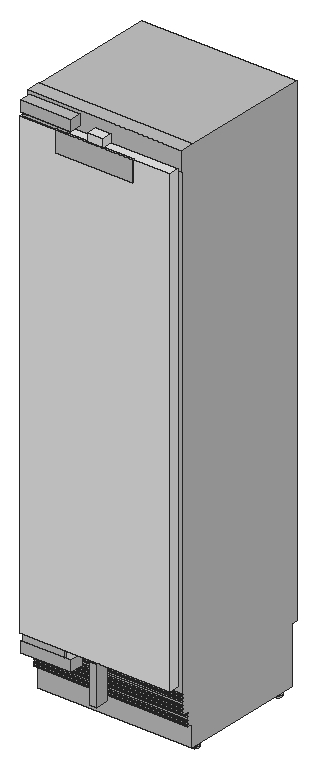
Revit family "FP_Revit_18_RS6121SLK1_Fridge_90001102A", category Specialty Equipment, Revit 2018
Family settings
  Round Connector Dimension = Use Diameter
  Part Type = Normal
  OmniClass Number = 23.40.40.11.11
  OmniClass Title = Refrigerators and Freezers
  Work Plane-Based = No
  Always vertical = Yes
  Cut with Voids When Loaded = Yes
  Shared = No
  Room Calculation Point = No
Parameters (values of type "RS6121SLHK1")
  Visibility - Water Connection = yes
  Visibility - Visibility Control Note = yes
  Visibility - Clearance Required = yes
  URL = "www.fisherpaykel.com"
  Stainless Steel Door Panels (RD6121L10D) = no
  Product - Width = 603 mm  # constant formula
  Product - Height = 2134 mm  # constant formula
  Product - Depth (exl front panel) = 610 mm  # constant formula
  Model = "RS6121SLHK1"
  Material - Handle = Fisher & Paykel - Aluminium
  Material - Door Structure = Fisher & Paykel - White
  Material - Door Front = Fisher & Paykel - Stainless Steel
  Material - Body = Fisher & Paykel - Grey
  Manufacturer = "Fisher & Paykel Appliances"
  Handle Style - Contemporary Square (AHD3-RD21) = no
  Handle Style - Contemporary Round (AHS-RD21) = no
  Description = "61cm Integrated Column Refrigerator with internal water, stainless steel interior"
  Connector Description - Water = "1/2 BSP Stainless steel braided hose"
  Connector Description - Electrical = "230 V, 10 amp fused electrical supply"
  Cavity - Width = 610 mm  # constant formula
  Cavity - Height = 2134 mm  # constant formula
  Cavity - Depth = 650 mm  # constant formula
Types (3, lengths in mm): name | Visibility - Water Connection | Model | Description | Connector Description - Water
  (no name) | yes | "RS6121SLHK1" | "61cm Integrated Column Refrigerator with internal water, stainless steel interior" | "1/2 BSP Stainless steel braided hose"
  RS6121SLK1 | no | "RS6121SLK1" | "61cm Integrated Column Refrigerator, stainless steel interior" | "Water Supply not required"
  RS6121SLHK1 | yes | "RS6121SLHK1" | "61cm Integrated Column Refrigerator with internal water, stainless steel interior" | "1/2 BSP Stainless steel braided hose"
Reference planes
  plane 1 "Datum": y = 0
  plane 2: z = 0
  plane 3 "Center (Left/Right)": x = 0
  plane 4 "Product LHS": x = -301.5
  plane 5 "Product RHS": x = 301.5
  plane 6 "Product - Depth": y = 610
  plane 7 "Cavity LHS": x = -305
  plane 8 "Cavity RHS": x = 305
  plane 9 "Cavity - Depth": y = 628
  plane 10 "Handle Offset": x = 238.5
  plane 11 "Product Height": z = 2134
  plane 12 "Cavity Height": z = 2134
  plane 13 "Door Panel Datum": y = -4.1
Forms (mm)
  Extrusion 1, solid, material "Fisher & Paykel - Grey" <- "Material - Body", detail levels fine
    sketch origin (0, 0, 0) x (0, 1, 0) y (0, 0, 1)
      loop
        line (100.1, 19.1) -> (587.9, 19.1) -> (587.9, 239.7) -> (610, 239.7) -> (610, 2131.9) -> (105.1, 2131.9) -> (105.1, 2134) -> (49.9, 2134) -> (49.9, 2059) -> (56, 2059) -> (56, 228.6) -> (59.5, 228.6) -> (59.5, 219.7) -> (56.5, 219.7) -> (56.5, 215.9) -> (59.5, 215.9) -> (59.5, 207) -> (56.5, 207) -> (56.5, 203.2) -> (59.5, 203.2) -> (59.5, 194.3) -> (56.5, 194.3) -> (56.5, 190.5) -> (59.5, 190.5) -> (59.5, 181.6) -> (56.5, 181.6) -> (56.5, 177.8) -> (59.5, 177.8) -> (59.5, 168.9) -> (56.5, 168.9) -> (56.5, 165.1) -> (59.5, 165.1) -> (59.5, 156.2) -> (56.5, 156.2) -> (56.5, 152.4) -> (84.1, 152.4) -> (84.1, 143.5) -> (81.1, 143.5) -> (81.1, 139.7) -> (84.1, 139.7) -> (84.1, 130.8) -> (81.1, 130.8) -> (81.1, 127) -> (84.1, 127) -> (84.1, 118.1) -> (81.1, 118.1) -> (81.1, 114.3) -> (84.1, 114.3) -> (84.1, 105.4) -> (81.1, 105.4) -> (81.1, 101.6) -> (100.1, 101.6) -> (100.1, 19.1)
    from -301.5 to 301.5
  Extrusion 2, solid, material "Fisher & Paykel - Grey" <- "Material - Body"
    sketch origin (0, 0, 0) x (1, 0, 0) y (0, 1, 0)
      loop
        circle (-281, 547.8) r 4.1
      loop
        circle (-281, 141.8) r 4.1
      loop
        circle (281, 547.8) r 4.1
      loop
        circle (281, 141.8) r 4.1
    from 3 to 19.1
  Extrusion 3, solid, material "Fisher & Paykel - Grey" <- "Material - Body"
    sketch origin (0, 0, 0) x (1, 0, 0) y (0, 1, 0)
      loop
        circle (-281, 547.8) r 14.5
      loop
        circle (-281, 141.8) r 14.555
      loop
        circle (281, 547.8) r 14.5
      loop
        circle (281, 141.8) r 14.555
    from 0 to 3
  Extrusion 4, solid, material "Fisher & Paykel - Grey" <- "Material - Body", detail levels fine
    sketch origin (0, 0, 0) x (1, 0, 0) y (0, 1, 0)
      loop
        line (-7.5, 49) -> (-13.797, -4.1) -> (13.797, -4.1) -> (7.5, 49) -> (-7.5, 49)
    from 104.2 to 254.2
  Extrusion 5, solid, material "Fisher & Paykel - Grey" <- "Material - Body", detail levels fine
    sketch origin (0, 0, 0) x (0, 1, 0) y (0, 0, 1)
      loop
        line (0, 2070.6) -> (0, 1988.6) -> (2, 1988.6) -> (2, 2068.6) -> (4, 2068.6) -> (4, 2070.6) -> (0, 2070.6)
    from -150 to 150
  Extrusion 6, solid, material "Fisher & Paykel - Grey" <- "Material - Body"
    sketch origin (0, 0, 0) x (1, 0, 0) y (0, 0, 1)
      loop
        circle (226.5, 119.813) r 5
      loop
        circle (-226.5, 119.813) r 5
    from -590 to -587.9
  Extrusion 7, solid, material "Fisher & Paykel - White" <- "Material - Door Structure"
    sketch origin (0, 0, 0) x (1, 0, 0) y (0, 1, 0)
      loop
        line (-276.5, 56) -> (-276.5, 42) -> (276.5, 42) -> (276.5, 56) -> (-276.5, 56)
    from 269.6 to 2030.7
  Extrusion 8, solid, material "Fisher & Paykel - White" <- "Material - Door Structure"
    sketch origin (0, 0, 0) x (1, 0, 0) y (0, 1, 0)
      loop
        line (-292.9, 42) -> (-292.9, 3) -> (292.9, 3) -> (292.9, 42) -> (-292.9, 42)
    from 254.2 to 2068.6
  Extrusion 9, solid, material "Fisher & Paykel - White" <- "Material - Door Structure", detail levels fine
    sketch origin (0, 0, 0) x (1, 0, 0) y (0, 0, 1)
      loop
        line (-29.5, 2100.1) -> (-29.5, 2068.6) -> (29.5, 2068.6) -> (29.5, 2100.1) -> (-29.5, 2100.1)
    from -42 to -3
  Extrusion 10, solid, material "Fisher & Paykel - Stainless Steel" <- "Material - Door Front", visible <- "Stainless Steel Door Panels (RD6121L10D)"
    sketch origin (0, 0, 0) x (0, 1, 0) y (0, 0, 1)
      loop
        line (-22.1, 2130.8) -> (-22.1, 102) -> (-4.1, 102) -> (-4.1, 2130.8) -> (-22.1, 2130.8)
    from -301.5 to 301.5
  Extrusion 11, solid, material "Fisher & Paykel - Grey" <- "Material - Body", detail levels coarse+medium
    sketch origin (0, 0, 0) x (0, 1, 0) y (0, 0, 1)
      loop
        line (49.9, 2134) -> (49.9, 2059) -> (56, 2059) -> (56, 152.4) -> (81.1, 152.4) -> (81.1, 101.6) -> (100.1, 101.6) -> (100.1, 19.1) -> (587.9, 19.1) -> (587.9, 239.7) -> (610, 239.7) -> (610, 2134) -> (49.9, 2134)
    from -301.5 to 301.5
  Extrusion 12, solid, material "Fisher & Paykel - Grey" <- "Material - Body", detail levels fine
    sketch origin (0, 0, 0) x (-1, 0, 0) y (0, 0, -1)
      loop
        line (289.9, -187.65) -> (95.42, -187.65) -> (95.42, -229.75) -> (289.9, -229.75) -> (289.9, -187.65)
    from -56 to -2.5
  Extrusion 13, solid, material "Fisher & Paykel - Grey" <- "Material - Body", detail levels fine
    sketch origin (0, 0, 0) x (-1, 0, 0) y (0, 0, -1)
      loop
        line (289.9, -2123.15) -> (289.9, -2081.05) -> (95.42, -2081.05) -> (95.42, -2123.15) -> (289.9, -2123.15)
    from -49 to -2.5
  Extrusion 14, solid, material "Fisher & Paykel - Grey" <- "Material - Body", detail levels fine
    sketch origin (0, 0, -4) x (0, 1, 0) y (0, 0, 1)
      loop
        arc (163.888, 23.1) -> (180.4, 13.63) -> (196.912, 23.1) r 19.13
        line (196.912, 23.1) -> (163.888, 23.1)
      loop
        arc (493.888, 23.1) -> (510.4, 13.63) -> (526.912, 23.1) r 19.13
        line (526.912, 23.1) -> (493.888, 23.1)
    from 191 to 219
  Extrusion 15, solid, material "Fisher & Paykel - Grey" <- "Material - Body", detail levels fine
    sketch origin (0, 0, -4) x (0, 1, 0) y (0, 0, -1)
      loop
        line (163.888, -23.1) -> (196.912, -23.1)
        arc (196.912, -23.1) -> (180.4, -13.63) -> (163.888, -23.1) r 19.13
      loop
        line (493.888, -23.1) -> (526.912, -23.1)
        arc (526.912, -23.1) -> (510.4, -13.63) -> (493.888, -23.1) r 19.13
    from 191 to 219
  Extrusion 16, solid, material "Fisher & Paykel - Clearance Required", visible <- "Visibility - Clearance Required", detail levels coarse
    sketch origin (0, 0, 0) x (1, 0, 0) y (0, 1, 0)
      loop
        line (-305, 628) -> (-305, -4.1) -> (305, -4.1) -> (305, 628) -> (-305, 628)
    from 0 to 2134
  Extrusion 17, void
    sketch origin (0, 0, 0) x (1, 0, 0) y (0, 1, 0)
      loop
        line (-305, 628) -> (-305, -22.1) -> (305, -22.1) -> (305, 628) -> (-305, 628)
    from 0 to 2134
  Extrusion 18, solid, material "Fisher & Paykel - Clearance Required", visible <- "Visibility - Clearance Required", detail levels coarse
    sketch origin (0, 0, 0) x (-1, 0, 0) y (0, -1, 0)
      loop
        line (-301.5, 22) -> (301.5, 22)
        arc (301.5, 22) -> (310.614, 38.517) -> (329.447, 39.615) r 19.524
        line (329.447, 39.615) -> (550.259, 513.224) -> (574.757, 501.803)
        arc (574.757, 501.803) -> (598.009, 510.266) -> (589.546, 533.517) r 17.497
        line (589.546, 533.517) -> (565.059, 544.952) -> (584.283, 586.12)
        arc (584.283, 586.12) -> (-13.379, 547.082) -> (-301.5, 22) r 622.524
    from 0 to 2134
  Extrusion 19, solid, material "Fisher & Paykel - Grey" <- "Material - Body", detail levels fine
    sketch origin (0, 0, 0) x (-1, 0, 0) y (0, 0, -1)
      loop
        line (118.4, -254.2) -> (282.9, -254.2) -> (282.9, -229.75) -> (118.4, -229.75) -> (118.4, -254.2)
      loop
        line (106, -2081.05) -> (242.9, -2081.05) -> (282.9, -2076.05) -> (282.9, -2068.6) -> (106, -2068.6) -> (106, -2081.05)
    from -7 to -4
Lines and regions (mm)
  model lines, style "Fisher & Paykel"
    curve 1: line (-301.5, -4.1, 2130.8) -> (301.5, -4.1, 2130.8)
    curve 2: line (-301.5, -4.1, 102) -> (-301.5, -4.1, 2130.8)
    curve 3: line (301.5, -4.1, 102) -> (-301.5, -4.1, 102)
    curve 4: line (301.5, -4.1, 2130.8) -> (301.5, -4.1, 102)
Text (mm)
  text "Due to ongoing product development, product details are subject to change without notice. \nPlease always refer to www.fisherpaykel.com for the most current product information. \n© Fisher & Paykel 2020" at (41.04, -678.295, 0), in view "Ref. Level (Plan)"
Dimensions and locks
  equal spacing: plane 4 "Product LHS", plane 3 "Center (Left/Right)", plane 5 "Product RHS"
  "Product - Width": plane 4 "Product LHS" to plane 5 "Product RHS"
  "Product - Depth (exl front panel)": plane 1 "Datum" to plane 6 "Product - Depth"
  equal spacing: plane 7 "Cavity LHS", plane 3 "Center (Left/Right)", plane 8 "Cavity RHS"
  "Cavity - Width": plane 7 "Cavity LHS" to plane 8 "Cavity RHS"
  plane 4 "Product LHS" to Extrusion 2 sketch curve = 24.6 mm
  plane 4 "Product LHS" to plane 10 "Handle Offset" = 540 mm
  Extrusion 6 sketch curve to Extrusion 1 = 119.887 mm  (x2)
  Extrusion 6 sketch curve to plane 5 "Product RHS" = 75 mm
  plane 4 "Product LHS" to Extrusion 6 sketch curve = 75 mm
  Extrusion 1 sketch curve to Extrusion 1 sketch curve = 82.5 mm
  Extrusion 1 sketch curve to Extrusion 1 sketch curve = 209.5 mm
  Extrusion 3 to level = 3 mm
  Extrusion 11 to Extrusion 8 = 235.1 mm
  Extrusion 11 to Extrusion 7 = 250.5 mm
  Extrusion 11 to Extrusion 11 = 2114.9 mm
  Extrusion 11 to Extrusion 10 = 82.9 mm
  "Product - Height": level to plane 11 "Product Height"
  plane 11 "Product Height" to Extrusion 10 = 3.2 mm
  Extrusion 8 to plane 11 "Product Height" = 65.4 mm
  Extrusion 7 to plane 11 "Product Height" = 103.3 mm
  Extrusion 11 sketch curve to plane 11 "Product Height" = 75 mm
  Extrusion 1 sketch curve to plane 11 "Product Height" = 2.1 mm
  Extrusion 1 sketch curve to plane 11 "Product Height" = 75 mm
  "Cavity - Height": plane 12 "Cavity Height" to level
  plane 1 "Datum" to Extrusion 16 = 628 mm
  plane 1 "Datum" to Extrusion 17 = 628 mm
  Extrusion 19 sketch curve to Extrusion 19 sketch curve = 40 mm
  Extrusion 19 sketch curve to Extrusion 19 sketch curve = 176.9 mm
  plane 3 "Center (Left/Right)" to Extrusion 19 sketch curve = 106 mm
  plane 3 "Center (Left/Right)" to Extrusion 19 sketch curve = 118.4 mm
  "Cavity - Depth": Extrusion 17 to Extrusion 18
  Extrusion 18 to plane 1 "Datum" = 22 mm
  radius of Extrusion 6 sketch curve = 5 mm
  aligned and locked: level to plane 2
  aligned and locked: Extrusion 10 to plane 5 "Product RHS"
  aligned and locked: plane 4 "Product LHS" to Extrusion 10
  aligned and locked: Extrusion 11 to plane 5 "Product RHS"
  aligned and locked: Extrusion 11 to plane 4 "Product LHS"
  aligned and locked: Extrusion 11 sketch curve to plane 11 "Product Height"
  aligned and locked: plane 11 "Product Height" to Extrusion 1 sketch curve
  aligned and locked: Extrusion 14 sketch curve to Extrusion 14 sketch curve
  aligned and locked: Extrusion 15 sketch curve to Extrusion 15 sketch curve
  aligned and locked: Extrusion 1 to plane 5 "Product RHS"
  aligned and locked: plane 4 "Product LHS" to Extrusion 1
  aligned and locked: Extrusion 2 to Extrusion 1
  aligned and locked: nested 3 to plane 10 "Handle Offset"
  aligned and locked: nested 2 to plane 10 "Handle Offset"
Automatic sketch dimensions
  Extrusion 2 sketch curve to plane 4 "Product LHS" = 20.5 mm  (x2)
  plane 5 "Product RHS" to Extrusion 2 sketch curve = 20.5 mm  (x2)
  Extrusion 2 sketch curve to plane 1 "Datum" = 141.8 mm  (x2)
  Extrusion 2 sketch curve to plane 6 "Product - Depth" = 62.2 mm  (x2)
  Extrusion 3 sketch curve to plane 4 "Product LHS" = 20.5 mm  (x2)
  plane 5 "Product RHS" to Extrusion 3 sketch curve = 20.5 mm  (x2)
  Extrusion 3 sketch curve to plane 1 "Datum" = 141.8 mm  (x2)
  Extrusion 3 sketch curve to plane 6 "Product - Depth" = 62.2 mm  (x2)
  plane 1 "Datum" to Extrusion 4 sketch curve = 4.1 mm
  Extrusion 4 sketch curve to plane 3 "Center (Left/Right)" = 13.797 mm
  Extrusion 4 sketch curve to plane 3 "Center (Left/Right)" = 7.5 mm
  plane 3 "Center (Left/Right)" to Extrusion 4 sketch curve = 7.5 mm
  plane 3 "Center (Left/Right)" to Extrusion 4 sketch curve = 13.797 mm
  Extrusion 4 sketch curve to plane 1 "Datum" = 49 mm
  Extrusion 5 sketch curve to plane 1 "Datum" = 0 mm
  Extrusion 5 sketch curve to plane 1 "Datum" = 2 mm
  Extrusion 5 sketch curve to Extrusion 5 sketch curve = 2 mm  (x2)
  plane 11 "Product Height" to Extrusion 5 sketch curve = 145.4 mm
  plane 11 "Product Height" to Extrusion 5 sketch curve = 65.4 mm
  Extrusion 7 sketch curve to plane 4 "Product LHS" = 25 mm
  plane 5 "Product RHS" to Extrusion 7 sketch curve = 25 mm
  Extrusion 7 sketch curve to plane 1 "Datum" = 42 mm
  Extrusion 7 sketch curve to Extrusion 7 sketch curve = 14 mm
  Extrusion 8 sketch curve to plane 1 "Datum" = 3 mm
  Extrusion 8 sketch curve to plane 4 "Product LHS" = 8.6 mm
  plane 5 "Product RHS" to Extrusion 8 sketch curve = 8.6 mm
  Extrusion 8 sketch curve to Extrusion 8 sketch curve = 39 mm
  Extrusion 9 sketch curve to plane 3 "Center (Left/Right)" = 29.5 mm
  plane 3 "Center (Left/Right)" to Extrusion 9 sketch curve = 29.5 mm
  plane 11 "Product Height" to Extrusion 9 sketch curve = 65.4 mm
  Extrusion 9 sketch curve to Extrusion 9 sketch curve = 31.5 mm
  plane 1 "Datum" to Extrusion 10 sketch curve = 22.1 mm
  plane 1 "Datum" to Extrusion 10 sketch curve = 4.1 mm
  level to Extrusion 10 sketch curve = 102 mm
  plane 11 "Product Height" to Extrusion 10 sketch curve = 3.2 mm
  plane 3 "Center (Left/Right)" to Extrusion 12 sketch curve = 95.42 mm
  plane 4 "Product LHS" to Extrusion 12 sketch curve = 11.6 mm
  Extrusion 12 sketch curve to level = 187.65 mm
  Extrusion 12 sketch curve to Extrusion 12 sketch curve = 42.1 mm
  Extrusion 13 sketch curve to plane 11 "Product Height" = 10.85 mm
  plane 3 "Center (Left/Right)" to Extrusion 13 sketch curve = 95.42 mm
  plane 4 "Product LHS" to Extrusion 13 sketch curve = 11.6 mm
  Extrusion 13 sketch curve to Extrusion 13 sketch curve = 42.1 mm
  Extrusion 14 sketch curve to plane 1 "Datum" = 163.888 mm
  Extrusion 14 sketch curve to Extrusion 14 sketch curve = 16.512 mm  (x2)
  Extrusion 14 sketch curve to plane 6 "Product - Depth" = 116.112 mm
  Extrusion 14 sketch curve to Extrusion 14 sketch curve = 9.66 mm  (x2)
  Extrusion 15 sketch curve to plane 1 "Datum" = 163.888 mm
  Extrusion 15 sketch curve to Extrusion 15 sketch curve = 16.512 mm  (x2)
  Extrusion 15 sketch curve to plane 6 "Product - Depth" = 116.112 mm
  Extrusion 15 sketch curve to Extrusion 15 sketch curve = 9.66 mm  (x2)
  Extrusion 16 sketch curve to plane 7 "Cavity LHS" = 0 mm
  Extrusion 16 sketch curve to plane 8 "Cavity RHS" = 0 mm
  Extrusion 16 sketch curve to plane 9 "Cavity - Depth" = 0 mm
  plane 1 "Datum" to Extrusion 16 sketch curve = 4.1 mm
  Extrusion 17 sketch curve to plane 7 "Cavity LHS" = 0 mm
  Extrusion 17 sketch curve to plane 8 "Cavity RHS" = 0 mm
  plane 9 "Cavity - Depth" to Extrusion 17 sketch curve = 0 mm
  plane 1 "Datum" to Extrusion 17 sketch curve = 22.1 mm
  Extrusion 18 sketch curve to Extrusion 18 sketch curve = 0.001 mm
  Extrusion 18 sketch curve to Extrusion 18 sketch curve = 0 mm
  Extrusion 18 sketch curve to plane 5 "Product RHS" = 0 mm
  Extrusion 18 sketch curve to plane 4 "Product LHS" = 0 mm
  Extrusion 18 sketch curve to plane 7 "Cavity LHS" = 16.024 mm
  Extrusion 18 sketch curve to Extrusion 18 sketch curve = 8.422 mm
  Extrusion 18 sketch curve to plane 7 "Cavity LHS" = 245.259 mm
  Extrusion 18 sketch curve to Extrusion 18 sketch curve = 14.8 mm
  Extrusion 18 sketch curve to Extrusion 18 sketch curve = 24.498 mm
  Extrusion 18 sketch curve to Extrusion 18 sketch curve = 7.394 mm  (x2)
  Extrusion 18 sketch curve to Extrusion 18 sketch curve = 19.224 mm
  Extrusion 18 sketch curve to plane 1 "Datum" = 586.12 mm
  Extrusion 18 sketch curve to Extrusion 18 sketch curve = 41.168 mm
  Extrusion 18 sketch curve to Extrusion 18 sketch curve = 15.857 mm
  Extrusion 19 sketch curve to plane 11 "Product Height" = 52.95 mm
  plane 4 "Product LHS" to Extrusion 19 sketch curve = 18.6 mm
  Extrusion 19 sketch curve to Extrusion 19 sketch curve = 5 mm
  Extrusion 19 sketch curve to Extrusion 19 sketch curve = 12.45 mm
  Extrusion 19 sketch curve to level = 254.2 mm
  Extrusion 19 sketch curve to Extrusion 19 sketch curve = 24.45 mm
  Extrusion 11 sketch curve to plane 6 "Product - Depth" = 0 mm
  Extrusion 11 sketch curve to plane 6 "Product - Depth" = 22.1 mm
  Extrusion 11 sketch curve to plane 1 "Datum" = 100.1 mm
  Extrusion 11 sketch curve to Extrusion 11 sketch curve = 19 mm
  Extrusion 11 sketch curve to plane 1 "Datum" = 56 mm
  Extrusion 11 sketch curve to plane 1 "Datum" = 49.9 mm
  level to Extrusion 11 sketch curve = 152.4 mm
  Extrusion 11 sketch curve to Extrusion 11 sketch curve = 50.8 mm
  level to Extrusion 11 sketch curve = 19.1 mm
  Extrusion 11 sketch curve to Extrusion 11 sketch curve = 220.6 mm
  level to Extrusion 14 sketch curve = 19.1 mm
  level to Extrusion 15 sketch curve = 28.76 mm
  Extrusion 1 sketch curve to plane 6 "Product - Depth" = 0 mm
  Extrusion 1 sketch curve to Extrusion 1 sketch curve = 22.1 mm
  Extrusion 1 sketch curve to plane 1 "Datum" = 105.1 mm
  level to Extrusion 1 sketch curve = 19.1 mm
  Extrusion 1 sketch curve to plane 1 "Datum" = 100.1 mm
  Extrusion 1 sketch curve to Extrusion 1 sketch curve = 16 mm
  Extrusion 1 sketch curve to Extrusion 1 sketch curve = 0 mm  (x8)
  Extrusion 1 sketch curve to Extrusion 1 sketch curve = 3 mm  (x10)
  Extrusion 1 sketch curve to plane 1 "Datum" = 59.5 mm
  Extrusion 1 sketch curve to plane 1 "Datum" = 56 mm
  Extrusion 1 sketch curve to plane 1 "Datum" = 49.9 mm
  Extrusion 1 sketch curve to Extrusion 1 sketch curve = 3.8 mm  (x10)
  Extrusion 1 sketch curve to Extrusion 1 sketch curve = 8.9 mm  (x9)
  Extrusion 1 sketch curve to Extrusion 1 sketch curve = 220.6 mm
  plane 5 "Product RHS" to curve 1 = 0 mm
  plane 4 "Product LHS" to curve 3 = 0 mm
  level to curve 3 = 102 mm
  plane 11 "Product Height" to curve 2 = 3.2 mm
  radius of Extrusion 2 sketch curve = 4.1 mm  (x3)
  radius of Extrusion 3 sketch curve = 14.5 mm  (x2)
  radius of Extrusion 3 sketch curve = 14.555 mm  (x2)
  radius of Extrusion 6 sketch curve = 5 mm
Nested families
  nested 1: "Visibility Control Note 18" at (0, 0, 0), visible <- "Visibility - Visibility Control Note", type "Visibility Control Note 18"
  nested 2: "Handle Contemporary Round - Vertical" at (238.5, -22.1, 1242.58), visible <- "Handle Style - Contemporary Round (AHS-RD21)", type "AHS-RD21 - Contemporary round handle (Vertical) 852mm"
  nested 3: "Handle Contemporary Square - Vertical" at (238.5, -22.1, 1242.58), visible <- "Handle Style - Contemporary Square (AHD3-RD21)", type "AHD3-RD21 - Contemporary square handle (Vertical) 852mm"
Connectors
  electrical at (-226.5, 590, 119.813), driven by "Connector Description - Electrical"
    settings: on Extrusion 6, index 1, voltage 230 V, apparent load 0 VA, apparent load phase1 0 VA, apparent load phase2 0 VA, apparent load phase3 0 VA, power factor 1, load classification "Other", number of poles 1, system type 30, power factor state 1, is connector primary yes, connector utility no, sub classification motor no, connector description "230 V, 10 amp fused electrical supply"
  piping at (226.5, 590, 119.813), diameter 12.7, driven by "Connector Description - Water", driven by "Visibility - Water Connection"
    settings: on Extrusion 6, index 2, connector inside diameter 609.6 mm, connector length 0 mm, flow factor 0, pipe flow 0.0 L/s, pressure drop 0.0 Pa, fitting loss kfactor 0, connector angle 0.00°, fixture units 0, engagement length 0 mm, angle of deflection 0.00°, flow configuration 0, flow direction 1, fitting loss method 0, system type 20, joint type 0, gender type 0, connector reference index -1, connector utility 1, adjustable connector no, is connector primary yes, connector description "1/2 BSP Stainless steel braided hose"
Definition of nested family "Handle Contemporary Round - Vertical"
  Parameters (values of type "AHSRS80A - Contemporary round handle (1 of 2) (Vertical) 727mm")
    URL = "www.fisherpaykel.com"
    Material - Handle = none
    Manufacturer = "Fisher & Paykel Appliances"
    Handle - Length = 727 mm
  Types (6, lengths in mm): name | Handle - Length
    AHS-RD21 - Contemporary round handle (Vertical) 852mm | 852
    AHSRD2484W - Contemporary round handle (1 of 2) (Vertical) 727mm | 727
    AHSRD3084W - Contemporary round handle (1 of 2) (Vertical) 727mm | 727
    AHS-RD84 - Contemporary round handle (Vertical) 852mm | 852
    AHSRS3272A - Contemporary round handle (1 of 2) (Vertical) 727mm | 727
    AHSRS80A - Contemporary round handle (1 of 2) (Vertical) 727mm | 727
  Reference planes
    plane 1 "Center (Front/Back)": y = 0
    plane 2: z = 0
    plane 3 "Center (Left/Right)": x = 0
    plane 4 "Top": z = 363.5
    plane 5 "Bottom": z = -363.5
    plane 6 "Top Standoff": z = 243.5
    plane 7 "Bottom Standoff": z = -243.5
  Forms (mm)
    Extrusion 1, solid, material <- "Material - Handle"
      sketch origin (0, 0, 0) x (1, 0, 0) y (0, 1, 0)
        loop
          circle (0, -32.3) r 8.7
      from -243.5 to 243.5
    Extrusion 2, solid, material <- "Material - Handle", detail levels fine
      sketch origin (0, 0, 0) x (1, 0, 0) y (0, 1, 0)
        loop
          line (-8.7, 0) -> (-8.7, -32.3)
          arc (-8.7, -32.3) -> (0, -41) -> (8.7, -32.3) r 8.7
          line (8.7, -32.3) -> (8.7, 0) -> (-8.7, 0)
      from 243.5 to 363.5
    Extrusion 3, solid, material <- "Material - Handle", detail levels fine
      sketch origin (0, 0, 0) x (1, 0, 0) y (0, 1, 0)
        loop
          line (-8.7, 0) -> (-8.7, -32.3)
          arc (-8.7, -32.3) -> (0, -41) -> (8.7, -32.3) r 8.7
          line (8.7, -32.3) -> (8.7, 0) -> (-8.7, 0)
      from -363.5 to -243.5
    Sweep 4, void
      path in 3D
        loop
          line (8.7, 0, -363.5) -> (8.7, -32.3, -363.5)
          arc (8.7, -32.3, -363.5) -> (0, -41, -363.5) -> (-8.7, -32.3, -363.5) r 8.7
          line (-8.7, -32.3, -363.5) -> (-8.7, 0, -363.5)
      profile origin (8.7, -16.15, -363.5) x (-1, 0, 0) y (0, 0, -1)
        loop
          line (0, 0) -> (0, -1) -> (1, 0) -> (0, 0)
    Sweep 5, void
      path in 3D
        loop
          line (-8.7, 0, 363.5) -> (-8.7, -32.3, 363.5)
          arc (-8.7, -32.3, 363.5) -> (0, -41, 363.5) -> (8.7, -32.3, 363.5) r 8.7
          line (8.7, -32.3, 363.5) -> (8.7, 0, 363.5)
      profile origin (8.7, -16.15, 363.5) x (-1, 0, 0) y (0, 0, 1)
        loop
          line (0, 0) -> (0, -1) -> (1, 0) -> (0, 0)
    Extrusion 6, solid, material <- "Material - Handle", detail levels coarse+medium
      sketch origin (0, 0, 0) x (1, 0, 0) y (0, 1, 0)
        loop
          line (-8.7, 0) -> (-8.7, -32.3)
          arc (-8.7, -32.3) -> (0, -41) -> (8.7, -32.3) r 8.7
          line (8.7, -32.3) -> (8.7, 0) -> (-8.7, 0)
      from 243.5 to 363.5
    Extrusion 7, solid, material <- "Material - Handle", detail levels coarse+medium
      sketch origin (0, 0, 0) x (1, 0, 0) y (0, 1, 0)
        loop
          line (-8.7, 0) -> (-8.7, -32.3)
          arc (-8.7, -32.3) -> (0, -41) -> (8.7, -32.3) r 8.7
          line (8.7, -32.3) -> (8.7, 0) -> (-8.7, 0)
      from -363.5 to -243.5
  Cuts and joins
    Sweep 4 cuts Extrusion 3
    Sweep 5 cuts Extrusion 2
  Lines and regions (mm)
    sketch lines
      curve 1: line (8.7, 0, -363.5) -> (8.7, -32.3, -363.5)
      curve 2: arc (-8.7, -32.3, -363.5) -> (0, -41, -363.5) -> (8.7, -32.3, -363.5) r 8.7
      curve 3: line (-8.7, -32.3, -363.5) -> (-8.7, 0, -363.5)
      curve 4: line (8.7, -32.3, 363.5) -> (8.7, 0, 363.5)
      curve 5: arc (8.7, -32.3, 363.5) -> (0, -41, 363.5) -> (-8.7, -32.3, 363.5) r 8.7
      curve 6: line (-8.7, 0, 363.5) -> (-8.7, -32.3, 363.5)
  Dimensions and locks
    equal spacing: plane 4 "Top", level, plane 5 "Bottom"
    "Handle - Length": plane 4 "Top" to plane 5 "Bottom"
    locked: plane 4 "Top" to plane 6 "Top Standoff" at 120
    locked: plane 7 "Bottom Standoff" to plane 5 "Bottom" at 120
    Extrusion 2 sketch curve to Extrusion 2 sketch curve = 17.4 mm
    Extrusion 3 sketch curve to Extrusion 3 sketch curve = 17.4 mm
    Extrusion 6 sketch curve to Extrusion 6 sketch curve = 17.4 mm
    Extrusion 7 sketch curve to Extrusion 7 sketch curve = 17.4 mm
    aligned and locked: level to plane 2
    aligned and locked: plane 4 "Top" to Extrusion 2
    aligned and locked: Extrusion 3 to plane 5 "Bottom"
    aligned and locked: plane 7 "Bottom Standoff" to Extrusion 3
    aligned and locked: Extrusion 1 to plane 7 "Bottom Standoff"
    aligned and locked: plane 6 "Top Standoff" to Extrusion 1
    aligned and locked: Extrusion 2 to Extrusion 1
    aligned and locked: Extrusion 6 to Extrusion 1
    aligned and locked: plane 4 "Top" to Extrusion 6
    aligned and locked: Extrusion 7 to Extrusion 1
    aligned and locked: Extrusion 7 to plane 5 "Bottom"
  Automatic sketch dimensions
    Extrusion 1 sketch curve to plane 3 "Center (Left/Right)" = 0 mm
    plane 1 "Center (Front/Back)" to Extrusion 1 sketch curve = 32.3 mm
    plane 1 "Center (Front/Back)" to Extrusion 2 sketch curve = 0 mm
    Extrusion 2 sketch curve to plane 3 "Center (Left/Right)" = 0 mm
    Extrusion 2 sketch curve to plane 3 "Center (Left/Right)" = 8.7 mm
    plane 1 "Center (Front/Back)" to Extrusion 2 sketch curve = 32.3 mm
    plane 1 "Center (Front/Back)" to Extrusion 3 sketch curve = 0 mm
    Extrusion 3 sketch curve to plane 3 "Center (Left/Right)" = 0 mm
    Extrusion 3 sketch curve to plane 3 "Center (Left/Right)" = 8.7 mm
    plane 1 "Center (Front/Back)" to Extrusion 3 sketch curve = 32.3 mm
    Sweep 4 sketch curve to profile plane = 0 mm  (x2)
    Sweep 4 sketch curve to profile plane = 1 mm  (x2)
    Sweep 5 sketch curve to profile plane = 0 mm  (x2)
    Sweep 5 sketch curve to profile plane = 1 mm  (x2)
    Extrusion 6 sketch curve to plane 3 "Center (Left/Right)" = 0 mm
    Extrusion 6 sketch curve to plane 3 "Center (Left/Right)" = 8.7 mm
    plane 1 "Center (Front/Back)" to Extrusion 6 sketch curve = 32.3 mm
    Extrusion 6 sketch curve to Extrusion 6 sketch curve = 32.3 mm
    Extrusion 7 sketch curve to plane 3 "Center (Left/Right)" = 0 mm
    Extrusion 7 sketch curve to plane 3 "Center (Left/Right)" = 8.7 mm
    plane 1 "Center (Front/Back)" to Extrusion 7 sketch curve = 32.3 mm
    Extrusion 7 sketch curve to Extrusion 7 sketch curve = 32.3 mm
    radius of Extrusion 1 sketch curve = 8.7 mm
Definition of nested family "Handle Contemporary Square - Vertical"
  Parameters (values of type "AHD3RS80A - Contemporary square handle (1 of 2) (Vertical) 727mm")
    URL = "www.fisherpaykel.com"
    Material - Handle = none
    Manufacturer = "Fisher & Paykel Appliances"
    Handle - Length = 727 mm
  Types (7, lengths in mm): name | Handle - Length
    (no name) | 727
    AHD3-RD21 - Contemporary square handle (Vertical) 852mm | 852
    AHD3RD2484W - Contemporary square handle (1 of 2) (Vertical) 727mm | 727
    AHD3RD3084W - Contemporary square handle (1 of 2) (Vertical) 727mm | 727
    AHD3-RD84 - Contemporary square handle (Vertical) 852mm | 852
    AHD3RS3272A - Contemporary square handle (1 of 2) (Vertical) 727mm | 727
    AHD3RS80A - Contemporary square handle (1 of 2) (Vertical) 727mm | 727
  Reference planes
    plane 1 "Center (Front/Back)": y = 0
    plane 2: z = 0
    plane 3 "Center (Left/Right)": x = 0
    plane 4 "Top": z = 363.5
    plane 5 "Bottom": z = -363.5
    plane 6 "Top Standoff": z = 243.5
    plane 7 "Bottom Standoff": z = -243.5
  Forms (mm)
    Extrusion 1, solid, material <- "Material - Handle", detail levels fine
      sketch origin (0, 0, 0) x (1, 0, 0) y (0, 1, 0)
        loop
          arc (-7.583, -28.701) -> (-7.89, -29.057) -> (-8, -29.514) r 1
          line (-8, -29.514) -> (-8, -40.5)
          arc (-8, -40.5) -> (-7.561, -41.561) -> (-6.5, -42) r 1.5
          line (-6.5, -42) -> (6.5, -42)
          arc (6.5, -42) -> (7.561, -41.561) -> (8, -40.5) r 1.5
          line (8, -40.5) -> (8, -29.487)
          arc (8, -29.487) -> (7.889, -29.029) -> (7.58, -28.673) r 1
          arc (7.58, -28.673) -> (-0.006, -26.256) -> (-7.583, -28.701) r 13.038
      from -363.5 to 363.5
    Extrusion 2, solid, material <- "Material - Handle", detail levels fine
      sketch origin (0, 0, 0) x (1, 0, 0) y (0, 1, 0)
        loop
          arc (7.058, -28.23) -> (7.466, -28.244) -> (7.674, -27.893) r 0.4
          line (7.674, -27.893) -> (7.674, 0) -> (-7.674, 0) -> (-7.674, -27.86)
          arc (-7.674, -27.86) -> (-7.467, -28.21) -> (-7.06, -28.198) r 0.4
          arc (-7.06, -28.198) -> (0.004, -26.156) -> (7.058, -28.23) r 13.136
      from 243.5 to 363.5
    Extrusion 3, solid, material <- "Material - Handle", detail levels fine
      sketch origin (0, 0, 0) x (1, 0, 0) y (0, 1, 0)
        loop
          arc (7.058, -28.23) -> (7.466, -28.244) -> (7.674, -27.893) r 0.4
          line (7.674, -27.893) -> (7.674, 0) -> (-7.674, 0) -> (-7.674, -27.86)
          arc (-7.674, -27.86) -> (-7.467, -28.21) -> (-7.06, -28.198) r 0.4
          arc (-7.06, -28.198) -> (0.004, -26.156) -> (7.058, -28.23) r 13.136
      from -363.5 to -243.5
    Sweep 4, void
      path in 3D
        loop
          line (-8, -29.514, 363.5) -> (-8, -40.5, 363.5)
          arc (-8, -40.5, 363.5) -> (-7.561, -41.561, 363.5) -> (-6.5, -42, 363.5) r 1.5
          line (-6.5, -42, 363.5) -> (6.5, -42, 363.5)
          arc (6.5, -42, 363.5) -> (7.561, -41.561, 363.5) -> (8, -40.5, 363.5) r 1.5
          line (8, -40.5, 363.5) -> (8, -29.487, 363.5)
      profile origin (8, -34.994, 363.5) x (-1, 0, 0) y (0, 0, 1)
        loop
          line (0, 0) -> (0, -1.3) -> (1.3, 0) -> (0, 0)
    Sweep 5, void
      path in 3D
        loop
          line (8, -29.487, -363.5) -> (8, -40.5, -363.5)
          arc (8, -40.5, -363.5) -> (7.561, -41.561, -363.5) -> (6.5, -42, -363.5) r 1.5
          line (6.5, -42, -363.5) -> (-6.5, -42, -363.5)
          arc (-6.5, -42, -363.5) -> (-7.561, -41.561, -363.5) -> (-8, -40.5, -363.5) r 1.5
          line (-8, -40.5, -363.5) -> (-8, -29.514, -363.5)
      profile origin (8, -34.994, -363.5) x (-1, 0, 0) y (0, 0, -1)
        loop
          line (0, 0) -> (0, -1.3) -> (1.3, 0) -> (0, 0)
    Extrusion 6, void
      sketch origin (0, 0, 0) x (1, 0, 0) y (0, 0, 1)
        loop
          line (-8, -362.2) -> (-8, -363.5) -> (-6.7, -363.5) -> (-8, -362.2)
        loop
          line (8, -362.2) -> (6.7, -363.5) -> (8, -363.5) -> (8, -362.2)
      from 0 to 40
    Extrusion 7, void
      sketch origin (0, 0, 0) x (1, 0, 0) y (0, 0, 1)
        loop
          line (-8, 363.5) -> (-8, 362.2) -> (-6.7, 363.5) -> (-8, 363.5)
        loop
          line (8, 363.5) -> (6.7, 363.5) -> (8, 362.2) -> (8, 363.5)
      from 0 to 40
    Extrusion 8, solid, material <- "Material - Handle", detail levels coarse+medium
      sketch origin (0, 0, 0) x (0, 1, 0) y (0, 0, 1)
        loop
          line (0, 363.5) -> (-42, 363.5) -> (-42, -363.5) -> (0, -363.5) -> (0, -243.5) -> (-26.245, -243.5) -> (-26.245, 243.5) -> (0, 243.5) -> (0, 363.5)
      from -8 to 8
  Cuts and joins
    Sweep 4, Sweep 5, Extrusion 6, Extrusion 7 cuts Extrusion 1
    Extrusion 6 cuts Extrusion 3
    Extrusion 7 cuts Extrusion 2
  Lines and regions (mm)
    sketch lines
      curve 1: line (8, -40.5, 363.5) -> (8, -29.487, 363.5)
      curve 2: arc (8, -40.5, 363.5) -> (7.561, -41.561, 363.5) -> (6.5, -42, 363.5) r 1.5
      curve 3: line (-6.5, -42, 363.5) -> (6.5, -42, 363.5)
      curve 4: arc (-6.5, -42, 363.5) -> (-7.561, -41.561, 363.5) -> (-8, -40.5, 363.5) r 1.5
      curve 5: line (-8, -29.514, 363.5) -> (-8, -40.5, 363.5)
      curve 6: line (8, -29.487, -363.5) -> (8, -40.5, -363.5)
      curve 7: arc (6.5, -42, -363.5) -> (7.561, -41.561, -363.5) -> (8, -40.5, -363.5) r 1.5
      curve 8: line (6.5, -42, -363.5) -> (-6.5, -42, -363.5)
      curve 9: arc (-8, -40.5, -363.5) -> (-7.561, -41.561, -363.5) -> (-6.5, -42, -363.5) r 1.5
      curve 10: line (-8, -40.5, -363.5) -> (-8, -29.514, -363.5)
  Dimensions and locks
    equal spacing: plane 4 "Top", level, plane 5 "Bottom"
    "Handle - Length": plane 4 "Top" to plane 5 "Bottom"
    locked: plane 4 "Top" to plane 6 "Top Standoff" at 120
    locked: plane 7 "Bottom Standoff" to plane 5 "Bottom" at 120
    aligned and locked: level to plane 2
    aligned and locked: plane 4 "Top" to Extrusion 2
    aligned and locked: Extrusion 2 to plane 6 "Top Standoff"
    aligned and locked: plane 4 "Top" to Extrusion 1
    aligned and locked: Extrusion 1 to plane 5 "Bottom"
    aligned and locked: Extrusion 3 to plane 5 "Bottom"
    aligned and locked: plane 7 "Bottom Standoff" to Extrusion 3
    aligned and locked: plane 4 "Top" to Extrusion 8 sketch curve
    aligned and locked: plane 6 "Top Standoff" to Extrusion 8 sketch curve
    aligned and locked: plane 7 "Bottom Standoff" to Extrusion 8 sketch curve
    aligned and locked: plane 5 "Bottom" to Extrusion 8 sketch curve
    aligned and locked: plane 1 "Center (Front/Back)" to Extrusion 8 sketch curve  (x2)
  Automatic sketch dimensions
    Extrusion 1 sketch curve to plane 3 "Center (Left/Right)" = 8 mm
    Extrusion 1 sketch curve to Extrusion 1 sketch curve = 1 mm  (x2)
    Extrusion 1 sketch curve to Extrusion 1 sketch curve = 1.5 mm
    plane 3 "Center (Left/Right)" to Extrusion 1 sketch curve = 0.018 mm
    plane 3 "Center (Left/Right)" to Extrusion 1 sketch curve = 6.5 mm
    plane 3 "Center (Left/Right)" to Extrusion 1 sketch curve = 7 mm
    plane 1 "Center (Front/Back)" to Extrusion 1 sketch curve = 42 mm
    Extrusion 1 sketch curve to Extrusion 1 sketch curve = 1.206 mm
    Extrusion 1 sketch curve to Extrusion 1 sketch curve = 10.986 mm
    Extrusion 1 sketch curve to Extrusion 1 sketch curve = 11.013 mm
    Extrusion 1 sketch curve to Extrusion 1 sketch curve = 0 mm
    plane 1 "Center (Front/Back)" to Extrusion 2 sketch curve = 0 mm
    Extrusion 2 sketch curve to plane 3 "Center (Left/Right)" = 7.674 mm
    Extrusion 2 sketch curve to Extrusion 2 sketch curve = 0.4 mm  (x2)
    Extrusion 2 sketch curve to plane 3 "Center (Left/Right)" = 0.026 mm
    plane 3 "Center (Left/Right)" to Extrusion 2 sketch curve = 7.274 mm
    plane 1 "Center (Front/Back)" to Extrusion 2 sketch curve = 27.86 mm
    Extrusion 2 sketch curve to Extrusion 2 sketch curve = 0.033 mm
    Extrusion 2 sketch curve to Extrusion 2 sketch curve = 11.398 mm
    Extrusion 2 sketch curve to Extrusion 2 sketch curve = 0 mm
    plane 1 "Center (Front/Back)" to Extrusion 3 sketch curve = 0 mm
    Extrusion 3 sketch curve to Extrusion 3 sketch curve = 0.4 mm  (x2)
    Extrusion 3 sketch curve to Extrusion 3 sketch curve = 7.248 mm
    Extrusion 3 sketch curve to Extrusion 3 sketch curve = 7.3 mm
    plane 1 "Center (Front/Back)" to Extrusion 3 sketch curve = 27.86 mm
    Extrusion 3 sketch curve to Extrusion 3 sketch curve = 0.033 mm
    Extrusion 3 sketch curve to Extrusion 3 sketch curve = 11.398 mm
    Extrusion 3 sketch curve to Extrusion 3 sketch curve = 0 mm
    Sweep 4 sketch curve to profile plane = 0 mm  (x2)
    Sweep 4 sketch curve to profile plane = 1.3 mm  (x2)
    Sweep 5 sketch curve to profile plane = 0 mm  (x2)
    Sweep 5 sketch curve to profile plane = 1.3 mm  (x2)
    Extrusion 6 sketch curve to plane 5 "Bottom" = 0 mm  (x2)
    plane 5 "Bottom" to Extrusion 6 sketch curve = 1.3 mm  (x2)
    Extrusion 6 sketch curve to plane 3 "Center (Left/Right)" = 8 mm
    Extrusion 6 sketch curve to Extrusion 6 sketch curve = 1.3 mm  (x2)
    plane 3 "Center (Left/Right)" to Extrusion 6 sketch curve = 8 mm
    Extrusion 7 sketch curve to plane 4 "Top" = 0 mm  (x2)
    Extrusion 7 sketch curve to plane 3 "Center (Left/Right)" = 8 mm
    Extrusion 7 sketch curve to Extrusion 7 sketch curve = 1.3 mm  (x2)
    plane 3 "Center (Left/Right)" to Extrusion 7 sketch curve = 8 mm
    Extrusion 7 sketch curve to plane 4 "Top" = 1.3 mm  (x2)
    plane 1 "Center (Front/Back)" to Extrusion 8 sketch curve = 26.245 mm
    plane 1 "Center (Front/Back)" to Extrusion 8 sketch curve = 42 mm
    Extrusion 3 sketch curve to plane 3 "Center (Left/Right)" = 7.674 mm
Definition of nested family "Visibility Control Note 18"
  Types (3): name
    New
    Resolved
    Active
  Reference planes
    plane 1: y = 0
    plane 2: x = 0
  Text (mm)
    text "Edit Type: \nTo control handle kit \nand door panel visibility\n options\n\nDelete unwanted kits \nto reduce file size" at (-0.165, 35.556, 0)
